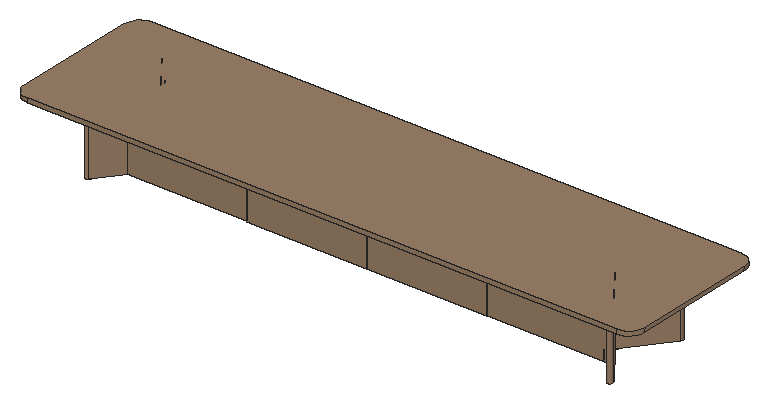
Revit family "Table-Teknion-CFTFFE_Figure_Table_Rectangular_Enclosed_V_Leg_Flat_Edge-R2023", category Furniture, Revit 2023 (continued)
Definition of nested family "Enclosed V-Leg"
  Parameters (values of type "Enclosed V-Leg")
    Unit Weight URL = "http://www.teknion.com/ca/tools/assets#&asset=bee6a381-b954-425e-8283-5a2de3a804f2,f828d448-4b62-4231-9e5f-9a8991c0ed77"
    URL = "www.teknion.com"
    To render please download texture images found here [instance] = "https://assets.teknion.com/web/5e81352c1dfdb467/revit-material-swatches/"
    Sustainability Data = "https://www.teknion.com/ca/tools/assets#&topic=216f99a5-57a0-44fc-b10a-9dee9b29ae4c&asset=444deb64-fe58-4b68-981e-f75e97781df7,b4ff2d81-9f2e-437d-9659-7cffb09c31cf"
    Series = ""
    Product Page URL = ""
    Product Line = ""
    Product Documentation Link = ""
    Part Number = ""
    Model = ""
    Manufacturer Phone = "416-661-3370"  # constant formula
    Manufacturer Fax = "416.661.4586"  # constant formula
    Manufacturer Contact Information = "http://www.teknion.com/ca/contactus"
    Manufacturer Address = "1150 Flint Road, Toronto, ON. M3J 2J5. Canada"  # constant formula
    Manufacturer = "Teknion"  # constant formula
    How To Use Teknion Materials User Guide [instance] = "https://assets.teknion.com/m/205dd0a49fa58060/original/How-to-add-a-Material-Library-and-Texture-Images-to-your-Revit-project.pdf"
    Glide Finish [instance] = none
    For Additional Finishes please visit [instance] = "https://assets.teknion.com/m/44a8009b046e5d47/original/Teknion_Materials_Library.zip"
    Enclosed V-Leg - Depth [instance] = 54.000"
    Dim 2 [instance] = if([Enclosed V-Leg - Depth] = 60.000", 21.428", 17.647")  # 17.647"
    Dim 1 [instance] = if([Enclosed V-Leg - Depth] = 60.000", 7.500", 6.000")  # 6.000"
    Description = "Enclosed V-Leg"
    Default Elevation = 0.000"
    Base Finish [instance] = none
    Assembly Code = "E2020200"
  Reference planes (in)
    plane 1 "Center Front/Back": y = 0
    plane 2: z = 0
    plane 3 "Center Left/Right": x = 8.382
    plane 4 "Left": x = 0
    plane 5 "Right": x = 16.764
    plane 6 "Back": y = 18.01298
    plane 7 "Front": y = -18.01298
    plane 8 "Top": z = 26.75
    plane 9: through (-1.19415, -5.1003, 48) normal (-0.7934, 0.6088, 0)
    plane 10: through (-1.19415, 5.1003, 48) normal (0.7934, 0.6088, 0)
    plane 11: z = 0.5
    plane 12: through (1.92609, -0.60876, 48) normal (-0.6088, 0.7934, 0)
    plane 13: through (1.92609, 0.60876, 48) normal (0.6088, 0.7934, 0)
    plane 14: through (12.6689, -14.60907, 48) normal (-0.6088, 0.7934, 0)
    plane 15: through (12.6689, 14.60907, 48) normal (0.6088, 0.7934, 0)
    plane 16: through (13.27199, 15.39503, 48) normal (0.6088, 0.7934, 0)
    plane 17: through (13.27199, -15.39503, 48) normal (-0.6088, 0.7934, 0)
  Forms (in)
    Sweep 1, solid, material <- "Base Finish"
      path origin (0, 0, 0) x (1, 0, 0) y (0, 0, 1)
        loop
          line (8.382, 26.75) -> (8.382, 0.5)
      profile origin (8.382, 0, 13.625) x (0, -1, 0) y (1, 0, 0)
        loop
          line (-6, -3.77804) -> (0, -8.382) -> (6, -3.77804) -> (6, -2.31907) -> (0, -6.92303) -> (-6, -2.31907) -> (-6, -3.77804)
    Sweep 2, void
      path origin (0, 0, 0) x (1, 0, 0) y (0, 1, 0)
        loop
          line (8.448, 0) -> (-3.552, 0)
      profile origin (2.448, 0, 0) x (0, -1, 0) y (0, 0, 1)
        loop
          line (-4, 22.75) -> (4, 22.75) -> (4, 26.75) -> (-4, 26.75) -> (-4, 22.75)
    Sweep 3, solid, material <- "Base Finish"
      path origin (0, 0, 0) x (1, 0, 0) y (0, 0, 1)
        loop
          line (8.382, 26.75) -> (8.382, 0.5)
      profile origin (8.382, 0, 13.625) x (0, -1, 0) y (1, 0, 0)
        loop
          line (-14.60907, 4.2869) -> (-0.60876, -6.45591)
          arc (-0.60876, -6.45591) -> (0, -6.66256) -> (0.60876, -6.45591) r 1
          line (0.60876, -6.45591) -> (14.60907, 4.2869)
          arc (14.60907, 4.2869) -> (14.79366, 5.68902) -> (13.39154, 5.87361) r 1
          line (13.39154, 5.87361) -> (0, -4.40208) -> (-13.39154, 5.87361)
          arc (-13.39154, 5.87361) -> (-14.79366, 5.68902) -> (-14.60907, 4.2869) r 1
    Sweep 4, solid, material <- "Glide Finish"
      path origin (0, 0, 0) x (1, 0, 0) y (0, 0, 1)
        loop
          line (8.382, 0.25) -> (8.382, 0.5)
      profile origin (8.382, 0, 0.375) x (-1, 0, 0) y (0, -1, 0)
        loop
          line (4.30129, 1.2607) -> (4.65905, 1.3078) -> (4.79714, 1.64117) -> (4.57747, 1.92745) -> (4.21971, 1.88035) -> (4.08162, 1.54698) -> (4.30129, 1.2607)
        loop
          line (-4.91964, 13.27765) -> (-4.56188, 13.32475) -> (-4.42379, 13.65812) -> (-4.64346, 13.9444) -> (-5.00122, 13.8973) -> (-5.1393, 13.56392) -> (-4.91964, 13.27765)
        loop
          line (4.30129, -1.2607) -> (4.08162, -1.54698) -> (4.21971, -1.88035) -> (4.57747, -1.92745) -> (4.79714, -1.64117) -> (4.65905, -1.3078) -> (4.30129, -1.2607)
        loop
          line (-4.91964, -13.27765) -> (-5.1393, -13.56392) -> (-5.00122, -13.8973) -> (-4.64346, -13.9444) -> (-4.42379, -13.65812) -> (-4.56188, -13.32475) -> (-4.91964, -13.27765)
    Sweep 5, solid, material <- "Glide Finish"
      path origin (0, 0, 0) x (1, 0, 0) y (0, 0, 1)
        loop
          line (8.382, 0.25) -> (8.382, 0)
      profile origin (8.382, 0, 0.125) x (0, -1, 0) y (1, 0, 0)
        loop
          circle (-13.61102, 4.78155) r 0.5
        loop
          circle (-1.59408, -4.43938) r 0.5
        loop
          circle (13.61102, 4.78155) r 0.5
        loop
          circle (1.59408, -4.43938) r 0.5
  Cuts and joins
    Sweep 2 cuts Sweep 1
    joined: Sweep 4, Sweep 5
  Lines and regions (in)
    symbolic lines, detail levels medium+fine
      curve 1: line (4.60396, 6, 0) -> (0, 0, 0)
      curve 2: line (6.06293, 6, 0) -> (4.60396, 6, 0)
      curve 3: line (4.52828, 4, 0) -> (3.06931, 4, 0)
      curve 4: line (0, 0, 0) -> (4.60396, -6, 0)
      curve 5: line (3.06931, -4, 0) -> (4.52828, -4, 0)
      curve 6: line (4.60396, -6, 0) -> (6.06293, -6, 0)
      curve 7: line (1.45897, 0, 0) -> (12.6689, -14.60907, 0)
      curve 8: line (14.25561, -13.39154, 0) -> (3.97992, 0, 0)
      curve 9: arc (12.6689, -14.60907, 0) -> (14.07102, -14.79366, 0) -> (14.25561, -13.39154, 0) r 1
      curve 10: line (12.6689, 14.60907, 0) -> (1.45897, 0, 0)
      curve 11: line (3.97992, 0, 0) -> (14.25561, 13.39154, 0)
      curve 12: arc (14.25561, 13.39154, 0) -> (14.07102, 14.79366, 0) -> (12.6689, 14.60907, 0) r 1
      curve 13: arc (1.92609, 0.60876, 0) -> (1.71944, 0, 0) -> (1.92609, -0.60876, 0) r 1
    symbolic lines, detail levels fine
      curve 14: line (13.02546, 13.9444, 0) -> (12.80579, 13.65812, 0)
      curve 15: line (12.80579, 13.65812, 0) -> (12.94388, 13.32475, 0)
      curve 16: line (12.94388, 13.32475, 0) -> (13.30164, 13.27765, 0)
      curve 17: line (13.30164, 13.27765, 0) -> (13.52131, 13.56392, 0)
      curve 18: line (13.52131, 13.56392, 0) -> (13.38322, 13.8973, 0)
      curve 19: line (13.38322, 13.8973, 0) -> (13.02546, 13.9444, 0)
      curve 20: arc (12.85917, 13.21435, 0) -> (13.56023, 13.30664, 0) -> (13.46793, 14.0077, 0) r 0.5
      curve 21: arc (13.46793, 14.0077, 0) -> (12.76687, 13.9154, 0) -> (12.85917, 13.21435, 0) r 0.5
      curve 22: line (3.80453, 1.92745, 0) -> (3.58486, 1.64117, 0)
      curve 23: line (3.58486, 1.64117, 0) -> (3.72295, 1.3078, 0)
      curve 24: line (3.72295, 1.3078, 0) -> (4.08071, 1.2607, 0)
      curve 25: line (4.08071, 1.2607, 0) -> (4.30038, 1.54698, 0)
      curve 26: line (4.30038, 1.54698, 0) -> (4.16229, 1.88035, 0)
      curve 27: line (4.16229, 1.88035, 0) -> (3.80453, 1.92745, 0)
      curve 28: arc (3.63824, 1.1974, 0) -> (4.3393, 1.28969, 0) -> (4.247, 1.99075, 0) r 0.5
      curve 29: arc (4.247, 1.99075, 0) -> (3.54594, 1.89846, 0) -> (3.63824, 1.1974, 0) r 0.5
      curve 30: line (4.08071, -1.2607, 0) -> (3.72295, -1.3078, 0)
      curve 31: line (3.72295, -1.3078, 0) -> (3.58486, -1.64117, 0)
      curve 32: line (3.58486, -1.64117, 0) -> (3.80453, -1.92745, 0)
      curve 33: line (3.80453, -1.92745, 0) -> (4.16229, -1.88035, 0)
      curve 34: line (4.16229, -1.88035, 0) -> (4.30038, -1.54698, 0)
      curve 35: line (4.30038, -1.54698, 0) -> (4.08071, -1.2607, 0)
      curve 36: arc (3.63824, -1.1974, 0) -> (3.54594, -1.89846, 0) -> (4.247, -1.99075, 0) r 0.5
      curve 37: arc (4.247, -1.99075, 0) -> (4.3393, -1.28969, 0) -> (3.63824, -1.1974, 0) r 0.5
      curve 38: line (13.52131, -13.56392, 0) -> (13.30164, -13.27765, 0)
      curve 39: line (13.30164, -13.27765, 0) -> (12.94388, -13.32475, 0)
      curve 40: line (12.94388, -13.32475, 0) -> (12.80579, -13.65812, 0)
      curve 41: line (12.80579, -13.65812, 0) -> (13.02546, -13.9444, 0)
      curve 42: line (13.02546, -13.9444, 0) -> (13.38322, -13.8973, 0)
      curve 43: line (13.38322, -13.8973, 0) -> (13.52131, -13.56392, 0)
      curve 44: arc (13.46793, -14.0077, 0) -> (13.56023, -13.30664, 0) -> (12.85917, -13.21435, 0) r 0.5
      curve 45: arc (12.85917, -13.21435, 0) -> (12.76687, -13.9154, 0) -> (13.46793, -14.0077, 0) r 0.5
  Dimensions and locks (in)
    plane 4 "Left" to plane 5 "Right" = 16.764"
    locked: plane 6 "Back" to plane 7 "Front" at 36.02596
    locked: plane 8 "Top" to level at 26.75
    equal spacing: plane 6 "Back", plane 1 "Center Front/Back", plane 7 "Front"
    equal spacing: plane 4 "Left", plane 3 "Center Left/Right", plane 5 "Right"
    locked: plane 11 to plane 2 at 0.5
    locked: Sweep 1 sketch curve to Sweep 1 sketch curve at 1.15748  (x2)
    "Dim 1": Sweep 1 sketch curve to plane 1 "Center Front/Back"
    "Dim 1": plane 1 "Center Front/Back" to Sweep 1 sketch curve
    Sweep 2 sketch curve to plane 4 "Left" to Sweep 2 sketch curve = 3.552" locked, 8.448" locked
    locked: plane 8 "Top" to Sweep 2 sketch curve at 4
    Sweep 2 sketch curve to plane 1 "Center Front/Back" to Sweep 2 sketch curve = 4.000" locked, 4.000" locked
    Sweep 3 sketch curve to plane 9 to Sweep 3 sketch curve = 1.000" locked, 1.000" locked
    Sweep 3 sketch curve to plane 10 to Sweep 3 sketch curve = 1.000" locked, 1.000" locked
    locked: plane 4 "Left" to Sweep 3 sketch curve at 2.71944
    "Dim 2": plane 12 to plane 14
    "Dim 2": plane 13 to plane 15
    locked: Sweep 4 sketch curve to plane 2 at 0.25
    plane 4 "Left" to Sweep 4 sketch curve to Sweep 4 sketch curve to Sweep 4 sketch curve to Sweep 4 sketch curve to Sweep 4 sketch curve to Sweep 4 sketch curve = 3.58486" locked, 0.13809" locked, 0.08158" locked, 0.27618" locked, 0.08158" locked, 0.13809" locked  (x2)
    Sweep 4 sketch curve to Sweep 4 sketch curve to Sweep 4 sketch curve to Sweep 4 sketch curve to Sweep 4 sketch curve to Sweep 4 sketch curve to plane 1 "Center Front/Back" = 0.0471" locked, 0.23918" locked, 0.0942" locked, 0.23918" locked, 0.0471" locked, 1.2607" locked
    plane 1 "Center Front/Back" to Sweep 4 sketch curve to Sweep 4 sketch curve to Sweep 4 sketch curve to Sweep 4 sketch curve to Sweep 4 sketch curve to Sweep 4 sketch curve = 1.2607" locked, 0.0471" locked, 0.23918" locked, 0.0942" locked, 0.23918" locked, 0.0471" locked
    Sweep 4 sketch curve to Sweep 4 sketch curve to Sweep 4 sketch curve to Sweep 4 sketch curve to Sweep 4 sketch curve to Sweep 4 sketch curve to plane 15 = 0.18042" locked, 0.000" locked, 0.36084" locked, 0.000" locked, 0.18042" locked, 0.12984" locked
    Sweep 4 sketch curve to plane 9 to Sweep 4 sketch curve = 0.3125" locked, 0.3125" locked
    Sweep 4 sketch curve to plane 10 to Sweep 4 sketch curve = 0.3125", 0.3125" locked
    Sweep 4 sketch curve to Sweep 4 sketch curve to Sweep 4 sketch curve to Sweep 4 sketch curve to Sweep 4 sketch curve to Sweep 4 sketch curve to plane 14 = 0.18042" locked, 0.000" locked, 0.36084" locked, 0.000" locked, 0.18042" locked, 0.12984" locked
    locked: Sweep 5 sketch curve to plane 2 at 0.25
    locked: plane 12 to Sweep 5 sketch curve at 2.00929
    locked: plane 13 to Sweep 5 sketch curve at 2.00929
    locked: Sweep 5 sketch curve to plane 14 at 0.49068
    locked: Sweep 5 sketch curve to plane 15 at 0.49068
    locked: plane 14 to plane 17 at 0.99068
    locked: plane 15 to plane 16 at 0.99068
    locked: plane 1 "Center Front/Back" to Sweep 1 sketch curve (angle 52.50°)
    locked: Sweep 1 sketch curve to plane 1 "Center Front/Back" (angle 52.50°)
    aligned and locked: level to plane 2
    aligned and locked: Sweep 1 sketch curve to plane 3 "Center Left/Right"
    aligned and locked: plane 11 to Sweep 1 sketch curve
    aligned and locked: plane 8 "Top" to Sweep 1 sketch curve
    aligned and locked: plane 4 "Left" to Sweep 1 sketch curve
    aligned and locked: Sweep 2 sketch curve to plane 1 "Center Front/Back"
    aligned and locked: plane 8 "Top" to Sweep 2 sketch curve
    aligned and locked: Sweep 3 sketch curve to plane 3 "Center Left/Right"
    aligned and locked: plane 8 "Top" to Sweep 3 sketch curve
    aligned and locked: plane 11 to Sweep 3 sketch curve
    aligned and locked: plane 10 to Sweep 3 sketch curve
    aligned and locked: plane 9 to Sweep 3 sketch curve
    aligned and locked: plane 1 "Center Front/Back" to Sweep 3 sketch curve
    aligned and locked: plane 14 to Sweep 3 sketch curve
    aligned and locked: plane 15 to Sweep 3 sketch curve
    aligned and locked: plane 3 "Center Left/Right" to Sweep 4 sketch curve
    aligned and locked: plane 11 to Sweep 4 sketch curve
    aligned and locked: plane 9 to Sweep 4 sketch curve  (x2)
    aligned and locked: plane 10 to Sweep 4 sketch curve  (x2)
    aligned and locked: Sweep 5 sketch curve to plane 3 "Center Left/Right"
    aligned and locked: plane 2 to Sweep 5 sketch curve
    aligned and locked: plane 10 to Sweep 5 sketch curve  (x2)
    aligned and locked: plane 9 to Sweep 5 sketch curve  (x2)
    aligned and locked: curve 1 to cut or joined group of Sweep 1, Sweep 2
    aligned and locked: curve 2 to cut or joined group of Sweep 1, Sweep 2
    aligned and locked: curve 3 to cut or joined group of Sweep 1, Sweep 2
    aligned and locked: curve 4 to cut or joined group of Sweep 1, Sweep 2
    aligned and locked: curve 5 to cut or joined group of Sweep 1, Sweep 2
    aligned and locked: curve 6 to cut or joined group of Sweep 1, Sweep 2
    aligned and locked: curve 9 to Sweep 3
    aligned and locked: curve 11 to Sweep 3
    aligned and locked: curve 12 to Sweep 3
    aligned and locked: curve 13 to Sweep 3
    aligned and locked: curve 14 to cut or joined group of Sweep 4, Sweep 5
    aligned and locked: curve 15 to cut or joined group of Sweep 4, Sweep 5
    aligned and locked: curve 16 to cut or joined group of Sweep 4, Sweep 5
    aligned and locked: curve 17 to cut or joined group of Sweep 4, Sweep 5
    aligned and locked: curve 18 to cut or joined group of Sweep 4, Sweep 5
    aligned and locked: curve 19 to cut or joined group of Sweep 4, Sweep 5
    aligned and locked: curve 20 to cut or joined group of Sweep 4, Sweep 5
    aligned and locked: curve 21 to cut or joined group of Sweep 4, Sweep 5
    aligned and locked: curve 22 to cut or joined group of Sweep 4, Sweep 5
    aligned and locked: curve 23 to cut or joined group of Sweep 4, Sweep 5
    aligned and locked: curve 24 to cut or joined group of Sweep 4, Sweep 5
    aligned and locked: curve 25 to cut or joined group of Sweep 4, Sweep 5
    aligned and locked: curve 26 to cut or joined group of Sweep 4, Sweep 5
    aligned and locked: curve 27 to cut or joined group of Sweep 4, Sweep 5
    aligned and locked: curve 28 to cut or joined group of Sweep 4, Sweep 5
    aligned and locked: curve 29 to cut or joined group of Sweep 4, Sweep 5
    aligned and locked: curve 30 to cut or joined group of Sweep 4, Sweep 5
    aligned and locked: curve 31 to cut or joined group of Sweep 4, Sweep 5
    aligned and locked: curve 32 to cut or joined group of Sweep 4, Sweep 5
    aligned and locked: curve 33 to cut or joined group of Sweep 4, Sweep 5
    aligned and locked: curve 34 to cut or joined group of Sweep 4, Sweep 5
    aligned and locked: curve 35 to cut or joined group of Sweep 4, Sweep 5
    aligned and locked: curve 36 to cut or joined group of Sweep 4, Sweep 5
    aligned and locked: curve 37 to cut or joined group of Sweep 4, Sweep 5
    aligned and locked: curve 38 to cut or joined group of Sweep 4, Sweep 5
    aligned and locked: curve 39 to cut or joined group of Sweep 4, Sweep 5
    aligned and locked: curve 40 to cut or joined group of Sweep 4, Sweep 5
    aligned and locked: curve 41 to cut or joined group of Sweep 4, Sweep 5
    aligned and locked: curve 42 to cut or joined group of Sweep 4, Sweep 5
    aligned and locked: curve 43 to cut or joined group of Sweep 4, Sweep 5
    aligned and locked: curve 44 to cut or joined group of Sweep 4, Sweep 5
    aligned and locked: curve 45 to cut or joined group of Sweep 4, Sweep 5
  Automatic sketch dimensions
    plane 1 "Center Front/Back" to Sweep 1 sketch curve = 0.000"
    plane 1 "Center Front/Back" to Sweep 3 sketch curve = 0.000"
    Sweep 3 sketch curve to plane 1 "Center Front/Back" = 0.60876"
    plane 1 "Center Front/Back" to Sweep 3 sketch curve = 0.60876"
    Sweep 4 sketch curve to Sweep 4 sketch curve = 0.0471"  (x2)
    Sweep 5 sketch curve to Sweep 5 sketch curve = 0.39668"  (x8)
    Sweep 5 sketch curve to Sweep 5 sketch curve = 0.30438"  (x4)
    curve 8 to plane 14 = 0.000"
    curve 13 to plane 12 = 0.000"
    plane 13 to curve 13 = 0.000"
    curve 20 to plane 9 = 0.000"  (x2)
    curve 28 to plane 9 = 0.000"  (x2)
    plane 10 to curve 36 = 0.000"  (x2)
    plane 10 to curve 44 = 0.000"  (x2)
Definition of nested family "Base 1"
  Parameters (values of type "Base 1")
    Warranty = "http://www.teknion.com/ca/papers/legal-canada"
    Unit Weight URL = "http://www.teknion.com/ca/tools/assets#&asset=bee6a381-b954-425e-8283-5a2de3a804f2,f828d448-4b62-4231-9e5f-9a8991c0ed77"
    URL = "www.teknion.com"
    To render please download texture images found here [instance] = "https://assets.teknion.com/web/5e81352c1dfdb467/revit-material-swatches/"
    Sustainability Data = "https://www.teknion.com/ca/tools/assets#&topic=216f99a5-57a0-44fc-b10a-9dee9b29ae4c&asset=444deb64-fe58-4b68-981e-f75e97781df7,b4ff2d81-9f2e-437d-9659-7cffb09c31cf"
    Series = ""
    Product Page URL = ""
    Product Line = ""
    Product Documentation Link = ""
    Part Number = ""
    Model = ""
    Manufacturer Phone = "416-661-3370"  # constant formula
    Manufacturer Fax = "416.661.4586"  # constant formula
    Manufacturer Contact Information = "http://www.teknion.com/ca/contactus"
    Manufacturer Address = "1150 Flint Road, Toronto, ON. M3J 2J5. Canada"  # constant formula
    Manufacturer = "Teknion"  # constant formula
    How To Use Teknion Materials User Guide [instance] = "https://assets.teknion.com/m/205dd0a49fa58060/original/How-to-add-a-Material-Library-and-Texture-Images-to-your-Revit-project.pdf"
    Glide Finish [instance] = none
    For Additional Finishes please visit [instance] = "https://assets.teknion.com/m/44a8009b046e5d47/original/Teknion_Materials_Library.zip"
    Dim 1 [instance] = if([Base - Depth] = 60.000", 15.000", 12.000")  # 15.000"
    Description = "Base 1"
    Default Elevation = 0.000"
    Base Finish [instance] = none
    Base - Depth [instance] = 60.000"
    Assembly Code = "E2020200"
  Reference planes (in)
    plane 1 "Center Front/Back": y = 0
    plane 2: z = 0
    plane 3 "Center Left/Right": x = 0
    plane 4 "Left": x = -1.15748
    plane 5 "Right": x = 1.15748
    plane 6 "Back": y = 7.5
    plane 7 "Front": y = -7.5
    plane 8 "Top": z = 26.75
  Forms (in)
    Sweep 1, solid, material <- "Base Finish"
      path origin (0, 0, 0) x (1, 0, 0) y (0, 1, 0)
        loop
          line (1.15748, 0) -> (-1.15748, 0)
      profile origin (0, 0, 0) x (0, -1, 0) y (0, 0, 1)
        loop
          line (-7.5, 26.75) -> (-7.5, 0.5) -> (-2, 0.5) -> (-2, 6.5) -> (2, 6.5) -> (2, 0.5) -> (7.5, 0.5) -> (7.5, 26.75) -> (4, 26.75) -> (4, 22.75) -> (-4, 22.75) -> (-4, 26.75) -> (-7.5, 26.75)
        loop
          line (-2, 19.125) -> (-2, 10.125)
          arc (-2, 10.125) -> (-1.85355, 9.77145) -> (-1.5, 9.625) r 0.5
          line (-1.5, 9.625) -> (1.5, 9.625)
          arc (1.5, 9.625) -> (1.85355, 9.77145) -> (2, 10.125) r 0.5
          line (2, 10.125) -> (2, 19.125)
          arc (2, 19.125) -> (1.85355, 19.47855) -> (1.5, 19.625) r 0.5
          line (1.5, 19.625) -> (-1.5, 19.625)
          arc (-1.5, 19.625) -> (-1.85355, 19.47855) -> (-2, 19.125) r 0.5
    Sweep 2, solid, material <- "Glide Finish"
      path origin (0, 0, 0) x (1, 0, 0) y (0, 0, 1)
        loop
          line (0, 0.25) -> (0, 0.5)
      profile origin (0, 0, 0.375) x (-1, 0, 0) y (0, -1, 0)
        loop
          line (0.75916, -5.4375) -> (0.39832, -5.4375) -> (0.2179, -5.75) -> (0.39832, -6.0625) -> (0.75916, -6.0625) -> (0.93958, -5.75) -> (0.75916, -5.4375)
        loop
          line (-0.75916, -5.4375) -> (-0.93958, -5.75) -> (-0.75916, -6.0625) -> (-0.39832, -6.0625) -> (-0.2179, -5.75) -> (-0.39832, -5.4375) -> (-0.75916, -5.4375)
        loop
          line (0.75916, 6.0625) -> (0.39832, 6.0625) -> (0.2179, 5.75) -> (0.39832, 5.4375) -> (0.75916, 5.4375) -> (0.93958, 5.75) -> (0.75916, 6.0625)
        loop
          line (-0.75916, 6.0625) -> (-0.93958, 5.75) -> (-0.75916, 5.4375) -> (-0.39832, 5.4375) -> (-0.2179, 5.75) -> (-0.39832, 6.0625) -> (-0.75916, 6.0625)
    Sweep 3, solid, material <- "Glide Finish"
      path origin (0, 0, 0) x (1, 0, 0) y (0, 0, 1)
        loop
          line (0, 0.25) -> (0, 0)
      profile origin (0, 0, 0.125) x (0, -1, 0) y (1, 0, 0)
        loop
          circle (-5.75, 0.57874) r 0.5
        loop
          circle (-5.75, -0.57874) r 0.5
        loop
          circle (5.75, 0.57874) r 0.5
        loop
          circle (5.75, -0.57874) r 0.5
  Cuts and joins
    joined: Sweep 2, Sweep 3
  Lines and regions (in)
    model lines
      curve 1: line (0, -4, 22.75) -> (0, -4, 26.75)
      curve 2: line (0, -4, 26.75) -> (0, -7.5, 26.75)
      curve 3: line (0, -7.5, 26.75) -> (0, -7.5, 0.5)
      curve 4: line (0, -7.5, 0.5) -> (0, -2, 0.5)
      curve 5: line (0, -2, 0.5) -> (0, -2, 6.5)
      curve 6: line (0, -2, 6.5) -> (0, 2, 6.5)
      curve 7: line (0, 2, 6.5) -> (0, 2, 0.5)
      curve 8: line (0, 2, 0.5) -> (0, 7.5, 0.5)
      curve 9: line (0, 7.5, 0.5) -> (0, 7.5, 26.75)
      curve 10: line (0, 7.5, 26.75) -> (0, 4, 26.75)
      curve 11: line (0, 4, 26.75) -> (0, 4, 22.75)
      curve 12: line (0, 4, 22.75) -> (0, -4, 22.75)
      curve 13: line (0, 1.5, 9.625) -> (0, -1.5, 9.625)
      curve 14: arc (0, -1.5, 9.625) -> (0, -1.85355, 9.77145) -> (0, -2, 10.125) r 0.5
      curve 15: line (0, -2, 10.125) -> (0, -2, 19.125)
      curve 16: arc (0, -2, 19.125) -> (0, -1.85355, 19.47855) -> (0, -1.5, 19.625) r 0.5
      curve 17: line (0, -1.5, 19.625) -> (0, 1.5, 19.625)
      curve 18: arc (0, 1.5, 19.625) -> (0, 1.85355, 19.47855) -> (0, 2, 19.125) r 0.5
      curve 19: line (0, 2, 19.125) -> (0, 2, 10.125)
      curve 20: arc (0, 2, 10.125) -> (0, 1.85355, 9.77145) -> (0, 1.5, 9.625) r 0.5
    symbolic lines, detail levels medium+fine
      curve 21: line (1.15748, 7.5, 0) -> (-1.15748, 7.5, 0)
      curve 22: line (-1.15748, 7.5, 0) -> (-1.15748, -7.5, 0)
      curve 23: line (1.15748, 7.5, 0) -> (1.15748, -7.5, 0)
      curve 24: line (-1.15748, -7.5, 0) -> (1.15748, -7.5, 0)
      curve 25: line (1.15748, -4, 0) -> (-1.15748, -4, 0)
      curve 26: line (1.15748, -2, 0) -> (-1.15748, -2, 0)
      curve 27: line (-1.15748, 2, 0) -> (1.15748, 2, 0)
      curve 28: line (-1.15748, 4, 0) -> (1.15748, 4, 0)
    symbolic lines, detail levels fine
      curve 29: arc (0.57874, 5.25, 0) -> (1.07874, 5.75, 0) -> (0.57874, 6.25, 0) r 0.5
      curve 30: arc (0.57874, 6.25, 0) -> (0.07874, 5.75, 0) -> (0.57874, 5.25, 0) r 0.5
      curve 31: arc (-0.57874, 6.25, 0) -> (-1.07874, 5.75, 0) -> (-0.57874, 5.25, 0) r 0.5
      curve 32: arc (-0.57874, 5.25, 0) -> (-0.07874, 5.75, 0) -> (-0.57874, 6.25, 0) r 0.5
      curve 33: arc (0.57874, -6.25, 0) -> (1.07874, -5.75, 0) -> (0.57874, -5.25, 0) r 0.5
      curve 34: arc (0.57874, -5.25, 0) -> (0.07874, -5.75, 0) -> (0.57874, -6.25, 0) r 0.5
      curve 35: arc (-0.57874, -6.25, 0) -> (-0.07874, -5.75, 0) -> (-0.57874, -5.25, 0) r 0.5
      curve 36: arc (-0.57874, -5.25, 0) -> (-1.07874, -5.75, 0) -> (-0.57874, -6.25, 0) r 0.5
      curve 37: line (-0.39832, -6.0625, 0) -> (-0.2179, -5.75, 0)
      curve 38: line (-0.2179, -5.75, 0) -> (-0.39832, -5.4375, 0)
      curve 39: line (-0.39832, -5.4375, 0) -> (-0.75916, -5.4375, 0)
      curve 40: line (-0.75916, -5.4375, 0) -> (-0.93958, -5.75, 0)
      curve 41: line (-0.93958, -5.75, 0) -> (-0.75916, -6.0625, 0)
      curve 42: line (-0.75916, -6.0625, 0) -> (-0.39832, -6.0625, 0)
      curve 43: line (0.75916, -5.4375, 0) -> (0.39832, -5.4375, 0)
      curve 44: line (0.39832, -5.4375, 0) -> (0.2179, -5.75, 0)
      curve 45: line (0.2179, -5.75, 0) -> (0.39832, -6.0625, 0)
      curve 46: line (0.39832, -6.0625, 0) -> (0.75916, -6.0625, 0)
      curve 47: line (0.75916, -6.0625, 0) -> (0.93958, -5.75, 0)
      curve 48: line (0.93958, -5.75, 0) -> (0.75916, -5.4375, 0)
      curve 49: line (0.75916, 6.0625, 0) -> (0.39832, 6.0625, 0)
      curve 50: line (0.39832, 6.0625, 0) -> (0.2179, 5.75, 0)
      curve 51: line (0.2179, 5.75, 0) -> (0.39832, 5.4375, 0)
      curve 52: line (0.39832, 5.4375, 0) -> (0.75916, 5.4375, 0)
      curve 53: line (0.75916, 5.4375, 0) -> (0.93958, 5.75, 0)
      curve 54: line (0.93958, 5.75, 0) -> (0.75916, 6.0625, 0)
      curve 55: line (-0.39832, 6.0625, 0) -> (-0.75916, 6.0625, 0)
      curve 56: line (-0.75916, 6.0625, 0) -> (-0.93958, 5.75, 0)
      curve 57: line (-0.93958, 5.75, 0) -> (-0.75916, 5.4375, 0)
      curve 58: line (-0.75916, 5.4375, 0) -> (-0.39832, 5.4375, 0)
      curve 59: line (-0.39832, 5.4375, 0) -> (-0.2179, 5.75, 0)
      curve 60: line (-0.2179, 5.75, 0) -> (-0.39832, 6.0625, 0)
  Dimensions and locks (in)
    locked: plane 4 "Left" to plane 5 "Right" at 2.31496
    "Dim 1": plane 6 "Back" to plane 7 "Front"
    locked: plane 8 "Top" to level at 26.75
    equal spacing: plane 4 "Left", plane 3 "Center Left/Right", plane 5 "Right"
    equal spacing: plane 6 "Back", plane 1 "Center Front/Back", plane 7 "Front"
    Sweep 1 sketch curve to plane 1 "Center Front/Back" to Sweep 1 sketch curve = 4.000" locked, 4.000" locked
    locked: plane 8 "Top" to Sweep 1 sketch curve at 4
    Sweep 1 sketch curve to plane 1 "Center Front/Back" to Sweep 1 sketch curve = 2.000" locked, 2.000" locked  (x2)
    locked: Sweep 1 sketch curve to plane 2 at 0.5
    locked: Sweep 1 sketch curve to plane 2 at 6.5
    Sweep 1 sketch curve to Sweep 1 sketch curve to plane 2 = 10.000" locked, 9.625" locked
    Sweep 2 sketch curve to Sweep 2 sketch curve to plane 2 = 0.250" locked, 0.250" locked
    Sweep 2 sketch curve to Sweep 2 sketch curve to Sweep 2 sketch curve to Sweep 2 sketch curve to Sweep 2 sketch curve to Sweep 2 sketch curve to plane 3 "Center Left/Right" to Sweep 2 sketch curve to Sweep 2 sketch curve to Sweep 2 sketch curve to Sweep 2 sketch curve to Sweep 2 sketch curve to Sweep 2 sketch curve = 0.18042" locked, 0.000" locked, 0.36084" locked, 0.000" locked, 0.18042" locked, 0.2179" locked, 0.2179" locked, 0.18042" locked, 0.000" locked, 0.36084" locked, 0.000" locked, 0.18042" locked  (x2)
    plane 7 "Front" to Sweep 2 sketch curve to Sweep 2 sketch curve to Sweep 2 sketch curve to Sweep 2 sketch curve to Sweep 2 sketch curve to Sweep 2 sketch curve to Sweep 2 sketch curve to Sweep 2 sketch curve = 1.4375" locked, 0.000" locked, 0.3125" locked, 0.000" locked, 0.000" locked, 0.000" locked, 0.3125" locked, 0.000" locked
    plane 6 "Back" to Sweep 2 sketch curve to Sweep 2 sketch curve to Sweep 2 sketch curve to Sweep 2 sketch curve to Sweep 2 sketch curve to Sweep 2 sketch curve to Sweep 2 sketch curve to Sweep 2 sketch curve = 1.4375" locked, 0.000" locked, 0.3125" locked, 0.000" locked, 0.000" locked, 0.000" locked, 0.3125" locked, 0.000" locked
    locked: Sweep 3 sketch curve to plane 2 at 0.25
    locked: plane 7 "Front" to Sweep 3 sketch curve at 1.75  (x2)
    Sweep 3 sketch curve to plane 3 "Center Left/Right" to Sweep 3 sketch curve = 0.57874" locked, 0.57874" locked  (x2)
    locked: plane 6 "Back" to Sweep 3 sketch curve at 1.75  (x2)
    aligned and locked: level to plane 2
    aligned and locked: Sweep 1 sketch curve to plane 1 "Center Front/Back"
    aligned and locked: plane 4 "Left" to Sweep 1 sketch curve
    aligned and locked: plane 5 "Right" to Sweep 1 sketch curve
    aligned and locked: plane 8 "Top" to Sweep 1 sketch curve  (x2)
    aligned and locked: plane 7 "Front" to Sweep 1 sketch curve
    aligned and locked: plane 6 "Back" to Sweep 1 sketch curve
    aligned and locked: Sweep 1 sketch curve to Sweep 1 sketch curve
    aligned and locked: curve 1 to Sweep 1
    aligned and locked: curve 2 to Sweep 1
    aligned and locked: curve 3 to Sweep 1
    aligned and locked: curve 4 to Sweep 1
    aligned and locked: curve 5 to Sweep 1
    aligned and locked: curve 6 to Sweep 1
    aligned and locked: curve 7 to Sweep 1
    aligned and locked: curve 8 to Sweep 1
    aligned and locked: curve 9 to Sweep 1
    aligned and locked: curve 10 to Sweep 1
    aligned and locked: curve 11 to Sweep 1
    aligned and locked: curve 12 to Sweep 1
    aligned and locked: curve 14 to Sweep 1
    aligned and locked: curve 16 to Sweep 1
    aligned and locked: curve 18 to Sweep 1
    aligned and locked: curve 20 to Sweep 1
    aligned and locked: plane 3 "Center Left/Right" to Sweep 2 sketch curve
    aligned and locked: plane 2 to Sweep 3 sketch curve
    aligned and locked: Sweep 3 sketch curve to plane 3 "Center Left/Right"
    aligned and locked: curve 21 to Sweep 1
    aligned and locked: curve 22 to Sweep 1
    aligned and locked: curve 23 to Sweep 1
    aligned and locked: curve 24 to Sweep 1
    aligned and locked: curve 25 to Sweep 1
    aligned and locked: curve 26 to Sweep 1
    aligned and locked: curve 27 to Sweep 1
    aligned and locked: curve 28 to Sweep 1
    aligned and locked: curve 29 to cut or joined group of Sweep 2, Sweep 3
    aligned and locked: curve 30 to cut or joined group of Sweep 2, Sweep 3
    aligned and locked: curve 31 to cut or joined group of Sweep 2, Sweep 3
    aligned and locked: curve 32 to cut or joined group of Sweep 2, Sweep 3
    aligned and locked: curve 33 to cut or joined group of Sweep 2, Sweep 3
    aligned and locked: curve 34 to cut or joined group of Sweep 2, Sweep 3
    aligned and locked: curve 35 to cut or joined group of Sweep 2, Sweep 3
    aligned and locked: curve 36 to cut or joined group of Sweep 2, Sweep 3
    aligned and locked: curve 37 to cut or joined group of Sweep 2, Sweep 3
    aligned and locked: curve 38 to cut or joined group of Sweep 2, Sweep 3
    aligned and locked: curve 39 to cut or joined group of Sweep 2, Sweep 3
    aligned and locked: curve 40 to cut or joined group of Sweep 2, Sweep 3
    aligned and locked: curve 41 to cut or joined group of Sweep 2, Sweep 3
    aligned and locked: curve 42 to cut or joined group of Sweep 2, Sweep 3
    aligned and locked: curve 43 to cut or joined group of Sweep 2, Sweep 3
    aligned and locked: curve 44 to cut or joined group of Sweep 2, Sweep 3
    aligned and locked: curve 45 to cut or joined group of Sweep 2, Sweep 3
    aligned and locked: curve 46 to cut or joined group of Sweep 2, Sweep 3
    aligned and locked: curve 47 to cut or joined group of Sweep 2, Sweep 3
    aligned and locked: curve 48 to cut or joined group of Sweep 2, Sweep 3
    aligned and locked: curve 49 to cut or joined group of Sweep 2, Sweep 3
    aligned and locked: curve 50 to cut or joined group of Sweep 2, Sweep 3
    aligned and locked: curve 51 to cut or joined group of Sweep 2, Sweep 3
    aligned and locked: curve 52 to cut or joined group of Sweep 2, Sweep 3
    aligned and locked: curve 53 to cut or joined group of Sweep 2, Sweep 3
    aligned and locked: curve 54 to cut or joined group of Sweep 2, Sweep 3
    aligned and locked: curve 55 to cut or joined group of Sweep 2, Sweep 3
    aligned and locked: curve 56 to cut or joined group of Sweep 2, Sweep 3
    aligned and locked: curve 57 to cut or joined group of Sweep 2, Sweep 3
    aligned and locked: curve 58 to cut or joined group of Sweep 2, Sweep 3
    aligned and locked: curve 59 to cut or joined group of Sweep 2, Sweep 3
    aligned and locked: curve 60 to cut or joined group of Sweep 2, Sweep 3
  Automatic sketch dimensions
    Sweep 1 sketch curve to Sweep 1 sketch curve = 0.500"  (x3)
    Sweep 1 sketch curve to profile plane = 1.500"
    Sweep 3 sketch curve to Sweep 3 sketch curve = 0.500"  (x4)
    Sweep 3 sketch curve to Sweep 3 sketch curve = 0.000"  (x8)
    curve 30 to curve 29 = 0.000"  (x2)
    curve 31 to curve 31 = 0.000"
    curve 32 to curve 31 = 0.000"
    curve 33 to curve 33 = 0.000"  (x2)
    curve 36 to curve 35 = 0.000"
    curve 35 to curve 35 = 0.000"
Definition of nested family "Teknion_2D_Node_Family-R2016"
  Reference planes (in)
    plane 1 "Center (Front/Back)": y = 0
    plane 2: z = 0
    plane 3 "Center (Left/Right)": x = 0
  Lines and regions (in)
    detail lines, in view "Ref. Level"
      curve 1: circle (0, 0, 0) r 1.25 normal (0, 0, 1)
      curve 2: line (1.91508, -1.91508, 0) -> (-1.91508, 1.91508, 0)
      curve 3: line (-1.91508, -1.91508, 0) -> (1.91508, 1.91508, 0)
Types (4): name | Width | Model | Dim 4 | Dim 3 | Dim 2 | Description | Depth | Cut - Base 1 | Base - 1 | 3 WK | 2D - 3 Base | 2D - 2 Base | 2 WK + NN | 2 WK | (S) Square | (R) Radius
  (no name) | 240.000" | "CFTFFE60___S__" | 8.346" | 73.196" | 34.764" | "Figure Table, Rectangular, Enclosed V-Leg, Flat Edge, 60\" Depth" | 60.000" | 30.000" | yes | yes | yes | no | no | no | no | yes
  60" Depth | 240.000" | "CFTFFE60___S__" | 8.346" | 73.196" | 34.764" | "Figure Table, Rectangular, Enclosed V-Leg, Flat Edge, 60\" Depth" | 60.000" | 30.000" | yes | yes | yes | no | no | no | no | yes
  54" Depth | 156.000" | "CFTFFE54___S__" | 6.846" | 60.414" | 32.462" | "Figure Table, Rectangular, Enclosed V-Leg, Flat Edge, 54\" Depth" | 54.000" | 0.300" | no | no | no | yes | yes | yes | yes | no
  48" Depth | 240.000" | "CFTFFE48___S__" | 6.846" | 73.196" | 34.764" | "Figure Table, Rectangular, Enclosed V-Leg, Flat Edge, 48\" Depth" | 48.000" | 30.000" | yes | yes | yes | no | no | no | yes | no
